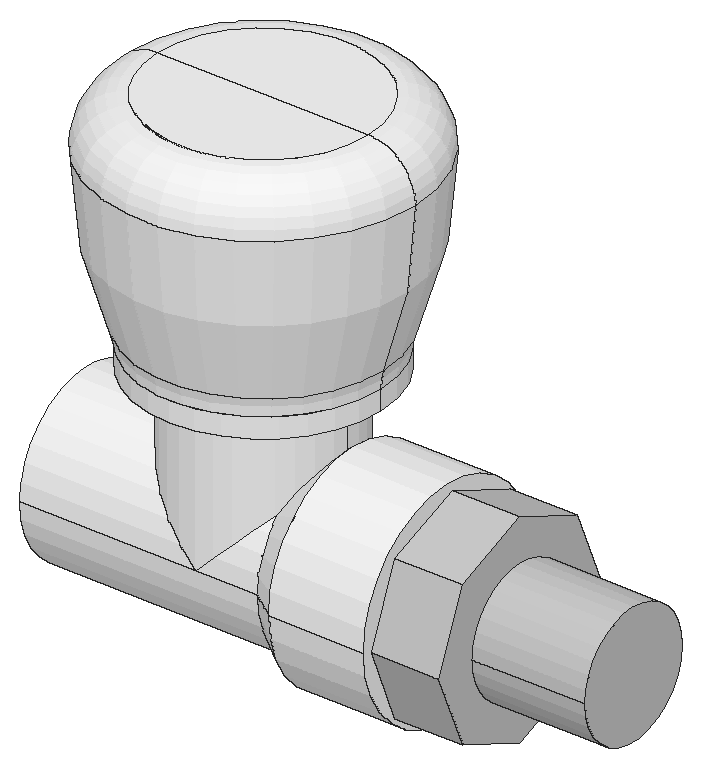
Revit family "PA_Арматура трубопроводов [клапан полипропиленовый со сгоном прямой VTp.717.V]1 - VALTEC", category Арматура трубопроводов, Revit 2019
Family settings
  Размер круглого соединителя = Использовать диаметр
  Тип детали = Клапан - Вставляется
  На основе рабочей плоскости = Нет
  Всегда вертикально = Да
  При загрузке вырезать с полостями = Нет
  Общий = Нет
Parameters (values of type "VTp.717.V")
  Таблица = "PA_Арматура трубопроводов [клапан полипропиленовый со сгоном прямой VTp.717.V] - VALTEC"  # constant formula
  Пользовательский [instance] = no
  Manufacturer = ""
  a7 [instance] = size_lookup(Таблица, "a7", 0 mm, D1, D2)  # 8 mm
  d5 [instance] = size_lookup(Таблица, "d5", 0 mm, D1, D2)  # 20.7 mm
  a6 [instance] = size_lookup(Таблица, "a6", 0 mm, D1, D2)  # 11.5 mm
  a5 [instance] = size_lookup(Таблица, "a5", 0 mm, D1, D2)  # 0.8 mm
  a3 [instance] = size_lookup(Таблица, "a3", 0 mm, D1, D2)  # 4.8 mm
  a2 [instance] = size_lookup(Таблица, "a2", 0 mm, D1, D2)  # 10.5 mm
  a1 [instance] = size_lookup(Таблица, "a1", 0 mm, D1, D2)  # 30 mm
  b1 [instance] = size_lookup(Таблица, "b1", 0 mm, D1, D2)  # 25.12 mm
  a4 [instance] = size_lookup(Таблица, "a4", 0 mm, D1, D2)  # 16.2 mm
  d1 [instance] = size_lookup(Таблица, "d1", 0 mm, D1, D2)  # 29 mm
  d4 [instance] = size_lookup(Таблица, "d4", 0 mm, D1, D2)  # 31.9 mm
  d2 [instance] = size_lookup(Таблица, "d2", 0 mm, D1, D2)  # 36 mm
  d3 [instance] = size_lookup(Таблица, "d3", 0 mm, D1, D2)  # 26 mm
  D2 [instance] = size_lookup(Таблица, "D2", 0 mm, D1)  # 15 mm
  D1 [instance] = 20 mm
  URL = "https://valtec.ru/"
  B [instance] = size_lookup(Таблица, "B", 0 mm, D1, D2)  # 61 mm
  ADSK_Расход жидкости [instance] = 0.0 L/s
  ADSK_Примечание [instance] = ""
  ADSK_Потеря давления жидкости [instance] = 0.0 Pa
  ADSK_Позиция [instance] = ""
  ADSK_Обозначение [instance] = "VTp.717.V"  # constant formula
  ADSK_Наименование [instance] = size_lookup(Таблица, "", "Данный типоразмер отсутствует", D1, D2)  # "Клапан полипропиленовый со сгоном прямой, 20 мм х 1/2\""
  Материал доп.1 = Сталь, нержавеющая - VALTEC
  ADSK_Материал = Белый - VALTEC
  ADSK_Масса [instance] = size_lookup(Таблица, "Масса", 0, D1, D2)  # 0.218
  ADSK_Марка [instance] = size_lookup(Таблица, "Маркировка", "Данный типоразмер отсутствует", D1, D2)  # "VTp.717.V"
  ADSK_Код изделия [instance] = size_lookup(Таблица, "Код продукта", "Данный типоразмер отсутствует", D1, D2)  # "VTp.717.V.02004"
  ADSK_Завод-изготовитель [instance] = "VALTEC"  # constant formula
  ADSK_Единица измерения [instance] = "шт."  # constant formula
  ADSK_URL страницы изделия = "https://valtec.ru/catalog/sistemy_polipropilenovyh_truboprovodov/armatura_dlya_polipropilenovyh_truboprovodov/klapan_polipropilenovyj_pryamoj_vtp717v.html"
  ADSK_URL документации изделия = "https://valtec.ru/document/technical/VTp.717V-718V-0220.pdf"
  A [instance] = size_lookup(Таблица, "A", 0 mm, D1, D2)  # 93.2 mm
Reference planes
  plane 1 "По центру (Вперед/Назад)": y = 0
  plane 2: z = 0
  plane 3 "По центру (Влево/Вправо)": x = 0
  plane 4: x = 32.3
  plane 5: x = 15.3
  plane 6: x = 10.5
  plane 7: z = 25.12
  plane 8: z = -25.12
  plane 9: x = -30
  plane 10 "b": x = 31.5
  plane 11: y = 25.12
  plane 12: y = -25.12
  plane 13: z = 61
  plane 14: x = 43.8
  plane 15: x = 51.8
  plane 16: x = 63.2
Forms (mm)
  Extrusion 1, solid, material "Белый - VALTEC" <- "ADSK_Материал", detail levels medium+fine
    sketch origin (0, 0, 0) x (0, 1, 0) y (0, 0, 1)
      loop
        circle (0, 0) r 14.5
    from -30 to 10.5
  Extrusion 2, solid, material "Белый - VALTEC" <- "ADSK_Материал", detail levels medium+fine
    sketch origin (0, 0, 0) x (0, 1, 0) y (0, 0, 1)
      loop
        circle (0, 0) r 18
    from 31.5 to 15.3
  Blend 3, solid, material "Белый - VALTEC" <- "ADSK_Материал", detail levels medium+fine
    base sketch origin (0, 0, 0) x (0, 1, 0) y (0, 0, 1)
      loop
        circle (0, 0) r 14.5
    top sketch origin (0, 0, 0) x (0, 1, 0) y (0, 0, 1)
      loop
        circle (0, 0) r 18
    from 10.5 to 15.3
  Extrusion 4, solid, material "Сталь, нержавеющая - VALTEC" <- "Материал доп.1", detail levels medium+fine
    sketch origin (0, 0, 0) x (0, 1, 0) y (0, 0, 1)
      loop
        circle (0, 0) r 13
    from 31.5 to 32.3
  Extrusion 5, solid, material "Сталь, нержавеющая - VALTEC" <- "Материал доп.1", detail levels medium+fine
    sketch origin (0, 0, 0) x (0, 1, 0) y (0, 0, 1)
      loop
        circle (0, 0) r 10.35
    from 43.8 to 63.2
  Extrusion 6, solid, material "Белый - VALTEC" <- "ADSK_Материал", detail levels medium+fine
    sketch origin (0, 0, 0) x (1, 0, 0) y (0, 1, 0)
      loop
        circle (0, 0) r 14.5
    from 0 to 25.12
Cuts and joins
  joined: Extrusion 1, Extrusion 2, Blend 3, Extrusion 6
  joined: Extrusion 4, Extrusion 5
Lines and regions (mm)
  reference lines
    curve 1: line (-30, 0, 0) -> (51.8, 0, 0)
  symbolic lines, detail levels coarse
    curve 2: line (-30, 0, 25.12) -> (-30, 0, -25.12)
    curve 3: line (51.8, 0, 25.12) -> (51.8, 0, -25.12)
    curve 4: line (-30, 0, 25.12) -> (51.8, 0, -25.12)
    curve 5: line (51.8, 0, 25.12) -> (-30, 0, -25.12)
  model lines, detail levels coarse
    curve 6: line (-30, 25.12, 0) -> (51.8, -25.12, 0)
    curve 7: line (51.8, 25.12, 0) -> (-30, -25.12, 0)
    curve 8: line (-30, 25.12, 0) -> (-30, -25.12, 0)
    curve 9: line (51.8, 25.12, 0) -> (51.8, -25.12, 0)
    curve 10: line (51.8, 0, 0) -> (63.2, 0, 0)
Dimensions and locks
  "a1": plane 3 "По центру (Влево/Вправо)" to plane 9
  "a2": plane 6 to plane 3 "По центру (Влево/Вправо)"
  "a3": plane 6 to plane 5
  "a4": plane 5 to plane 10 "b"
  "a5": plane 10 "b" to plane 4
  "a6": plane 4 to plane 14
  "a7": plane 14 to plane 15
  "A": plane 9 to plane 16
  "B": plane 13 to plane 2
  "b1": plane 7 to plane 2
  "b1": plane 2 to plane 8
  "b1": plane 12 to plane 1 "По центру (Вперед/Назад)"
  "b1": plane 1 "По центру (Вперед/Назад)" to plane 11
  "d1": diameter of Extrusion 1 sketch curve
  "d2": diameter of Extrusion 2 sketch curve
  "d1": diameter of Blend 3 sketch curve
  "d2": diameter of Blend 3 sketch curve
  "d3": diameter of Extrusion 4 sketch curve
  "d5": diameter of Extrusion 5 sketch curve
  "d1": diameter of Extrusion 6 sketch curve
  aligned and locked: level to plane 2
  aligned and locked: plane 2 to Extrusion 1 sketch curve
  aligned and locked: plane 1 "По центру (Вперед/Назад)" to Extrusion 1 sketch curve
  aligned and locked: plane 1 "По центру (Вперед/Назад)" to Extrusion 2 sketch curve
  aligned and locked: plane 2 to Extrusion 2 sketch curve
  aligned and locked: plane 2 to Blend 3 sketch curve  (x2)
  aligned and locked: plane 1 "По центру (Вперед/Назад)" to Blend 3 sketch curve  (x2)
  aligned and locked: Extrusion 1 to plane 9
  aligned and locked: Extrusion 1 to plane 6
  aligned and locked: plane 5 to Blend 3
  aligned and locked: plane 6 to Blend 3
  aligned and locked: plane 5 to Extrusion 2
  aligned and locked: Extrusion 2 to plane 10 "b"
  aligned and locked: plane 1 "По центру (Вперед/Назад)" to Extrusion 4 sketch curve
  aligned and locked: plane 2 to Extrusion 4 sketch curve
  aligned and locked: plane 1 "По центру (Вперед/Назад)" to Extrusion 5 sketch curve
  aligned and locked: plane 2 to Extrusion 5 sketch curve
  aligned and locked: plane 10 "b" to Extrusion 4
  aligned and locked: Extrusion 4 to plane 4
  aligned and locked: plane 14 to Extrusion 5
  aligned and locked: Extrusion 5 to plane 16
  aligned and locked: plane 1 "По центру (Вперед/Назад)" to nested 1
  aligned and locked: plane 4 to nested 1
  aligned and locked: plane 3 "По центру (Влево/Вправо)" to Extrusion 6 sketch curve
  aligned and locked: plane 1 "По центру (Вперед/Назад)" to Extrusion 6 sketch curve
  aligned and locked: Extrusion 6 to plane 7
  aligned and locked: Extrusion 6 to level
  aligned and locked: plane 1 "По центру (Вперед/Назад)" to nested 2
  aligned and locked: plane 3 "По центру (Влево/Вправо)" to nested 2
  aligned and locked: plane 7 to nested 2
  aligned and locked: plane 9 to curve 1
  aligned and locked: plane 15 to curve 1
  aligned and locked: curve 1 to plane 2
  aligned and locked: plane 8 to curve 5
  aligned and locked: plane 9 to curve 5
  aligned and locked: plane 15 to curve 4
  aligned and locked: plane 8 to curve 4
  aligned and locked: plane 7 to curve 5
  aligned and locked: plane 7 to curve 4
  aligned and locked: plane 9 to curve 4
  aligned and locked: plane 15 to curve 3
  aligned and locked: plane 12 to curve 6
  aligned and locked: plane 11 to curve 7
  aligned and locked: plane 15 to curve 7
  aligned and locked: plane 9 to curve 7
  aligned and locked: plane 12 to curve 8
  aligned and locked: plane 11 to curve 8
  aligned and locked: curve 8 to plane 9
  aligned and locked: plane 15 to curve 10
  aligned and locked: plane 16 to curve 10
  aligned and locked: plane 1 "По центру (Вперед/Назад)" to curve 10
Nested families
  nested 1: "Гайка - горизонталь" at (38.05, 0, 0), d <- "d4", l <- "a6", ADSK_Материал <- "Материал доп.1", type "Гайка - горизонталь", detail levels medium+fine
    with l2 9.2 mm, l 11.5 mm, d2 25.52 mm, d 31.9 mm, ADSK_Материал Сталь, нержавеющая - VALTEC
  nested 2: "Колпачек VTp.717.V" at (0, 0, 25.12), type "Колпачек VTp.717.V", detail levels medium+fine
Connectors
  piping at (-30, 0, 0), diameter 20, driven by "ADSK_Расход жидкости", driven by "D1", driven by "ADSK_Потеря давления жидкости"
    settings: on curve 1, index 1, connector inside diameter 609.6 mm, connector length 0 mm, flow factor 0, pipe flow 0.0 L/s, pressure drop 0.0 Pa, fitting loss kfactor 0, connector angle 0.00°, fixture units 0, engagement length 0 mm, angle of deflection 0.00°, flow configuration 0, flow direction 0, fitting loss method 4, system type 29, joint type 0, gender type 0, connector reference index 2, connector utility 0, adjustable connector no, is connector primary yes, connector description ""
  piping at (51.8, 0, 0), diameter 15, driven by "ADSK_Расход жидкости", driven by "D2"
    settings: on curve 1, index 2, connector inside diameter 609.6 mm, connector length 0 mm, flow factor 0, pipe flow 0.0 L/s, pressure drop 0.0 Pa, fitting loss kfactor 0, connector angle 0.00°, fixture units 0, engagement length 0 mm, angle of deflection 0.00°, flow configuration 0, flow direction 0, fitting loss method 0, system type 29, joint type 0, gender type 0, connector reference index 1, connector utility 0, adjustable connector no, is connector primary no, connector description ""
Definition of nested family "Гайка - горизонталь"
  Parameters (values of type "Гайка - горизонталь")
    l2 [instance] = l * 80 / 100  # 509.92 mm
    d2 [instance] = d * 80 / 100  # 471.105 mm
    d [instance] = 588.881 mm
    l [instance] = 637.4 mm
    ADSK_Материал [instance] = none
  Reference planes
    plane 1 "По центру (Вперед/Назад)": y = 0
    plane 2: z = 0
    plane 3 "По центру (Влево/Вправо)": x = 0
    plane 4: y = 294.44
    plane 5: y = -294.44
    plane 6: through (0, -912.519, 2972.425) normal (0, -0.9239, -0.3827)
    plane 7: through (0, -1234.338, 2979.956) normal (0, -0.9239, -0.3827)
    plane 8: through (0, -1556.157, 2987.486) normal (0, -0.9239, -0.3827)
    plane 9: through (0, 1234.338, 2979.956) normal (0, -0.9239, 0.3827)
    plane 10: through (0, -2420.114, 1321.144) normal (0, -0.3827, -0.9239)
    plane 11: through (0, -2532.792, 1049.117) normal (0, -0.3827, -0.9239)
    plane 12: through (0, -2645.469, 777.089) normal (0, -0.3827, -0.9239)
    plane 13: through (0, 2420.114, 1321.144) normal (0, -0.3827, 0.9239)
    plane 14: through (0, 2532.792, 1049.117) normal (0, -0.3827, 0.9239)
    plane 15: through (0, 2645.469, 777.089) normal (0, -0.3827, 0.9239)
    plane 16: through (0, 912.519, 2972.425) normal (0, -0.9239, 0.3827)
    plane 17: through (0, 1234.338, 2979.956) normal (0, -0.9239, 0.3827)
    plane 18: through (0, 1556.157, 2987.486) normal (0, -0.9239, 0.3827)
    plane 19: x = 318.7
    plane 20: x = -318.7
  Forms (mm)
    Extrusion 1, solid, material <- "ADSK_Материал"
      sketch origin (0, 0, 0) x (0, 1, 0) y (0, 0, 1)
        loop
          line (0, 318.7) -> (-225.355, 225.355) -> (-318.7, 0) -> (-225.355, -225.355) -> (0, -318.7) -> (225.355, -225.355) -> (318.7, 0) -> (225.355, 225.355) -> (0, 318.7)
      from -318.7 to 318.7
  Lines and regions (mm)
    reference lines
      curve 1: line (0, -112.677, -272.027) -> (0, 112.677, 272.027)
      curve 2: line (0, -272.027, 112.677) -> (0, 272.027, -112.677)
      curve 3: line (-254.96, 0, 0) -> (254.96, 0, 0)
      curve 4: line (-318.7, 235.552, 0) -> (-318.7, -235.552, 0)
  Dimensions and locks
    equal spacing: plane 4, plane 1 "По центру (Вперед/Назад)", plane 5
    "d": plane 4 to plane 5
    equal spacing: plane 8, plane 7, plane 6
    "d": plane 8 to plane 6
    equal spacing: plane 12, plane 11, plane 10
    "d": plane 12 to plane 10
    equal spacing: plane 15, plane 14, plane 13
    "d": plane 15 to plane 13
    equal spacing: plane 18, plane 17, plane 16
    "d": plane 18 to plane 16
    equal spacing: plane 20, plane 3 "По центру (Влево/Вправо)", plane 19
    "l": plane 20 to plane 19
    equal spacing: curve 3, plane 3 "По центру (Влево/Вправо)", curve 3
    "l2": curve 3 to curve 3
    equal spacing: curve 4, plane 1 "По центру (Вперед/Назад)", curve 4
    "d2": curve 4 to curve 4
    aligned and locked: level to plane 2
    aligned and locked: plane 10 to Extrusion 1 sketch curve
    aligned and locked: plane 13 to Extrusion 1 sketch curve
    aligned and locked: plane 16 to Extrusion 1 sketch curve
    aligned and locked: Extrusion 1 sketch curve to plane 8
    aligned and locked: Extrusion 1 sketch curve to plane 12
    aligned and locked: Extrusion 1 sketch curve to plane 15
    aligned and locked: Extrusion 1 sketch curve to plane 18
    aligned and locked: plane 6 to Extrusion 1 sketch curve
    aligned and locked: plane 19 to Extrusion 1
    aligned and locked: plane 20 to Extrusion 1
    aligned and locked: Extrusion 1 to plane 19
    aligned and locked: plane 16 to curve 2
    aligned and locked: plane 18 to curve 2
    aligned and locked: curve 2 to plane 11
    aligned and locked: plane 12 to curve 1
    aligned and locked: plane 10 to curve 1
    aligned and locked: curve 1 to plane 17
    aligned and locked: plane 1 "По центру (Вперед/Назад)" to curve 3
    aligned and locked: plane 20 to curve 4
Definition of nested family "Колпачек VTp.717.V"
  Parameters (values of type "Колпачек VTp.717.V")
    ADSK_Материал = none
  Reference planes
    plane 1 "По центру (Вперед/Назад)": y = 0
    plane 2: z = 0
    plane 3 "По центру (Влево/Вправо)": x = 0
  Forms (mm)
    Revolve 1, solid, material <- "ADSK_Материал"
      sketch origin (0, 0, 0) x (1, 0, 0) y (0, 0, 1)
        loop
          line (0, 41.55) -> (-18, 41.55)
          arc (-18, 41.55) -> (-23.657, 39.207) -> (-26, 33.55) r 8
          arc (-26, 33.55) -> (-24.639, 19.722) -> (-20.608, 6.425) r 70.925
          arc (-20.608, 6.425) -> (-20.154, 4.925) -> (-20, 3.366) r 8
          line (-20, 3.366) -> (-20, 0) -> (0, 0) -> (0, 41.55)
        axis (0, 41.55) -> (0, 0)
      angle from 0 to 360
  Lines and regions (mm)
    reference lines
      curve 1: line (-20, 0, 0) -> (20, 0, 0)
      curve 2: line (0, 20, 0) -> (0, -20, 0)
  Dimensions and locks
    aligned and locked: level to plane 2
    aligned and locked: Revolve 1 sketch curve to plane 3 "По центру (Влево/Вправо)"
